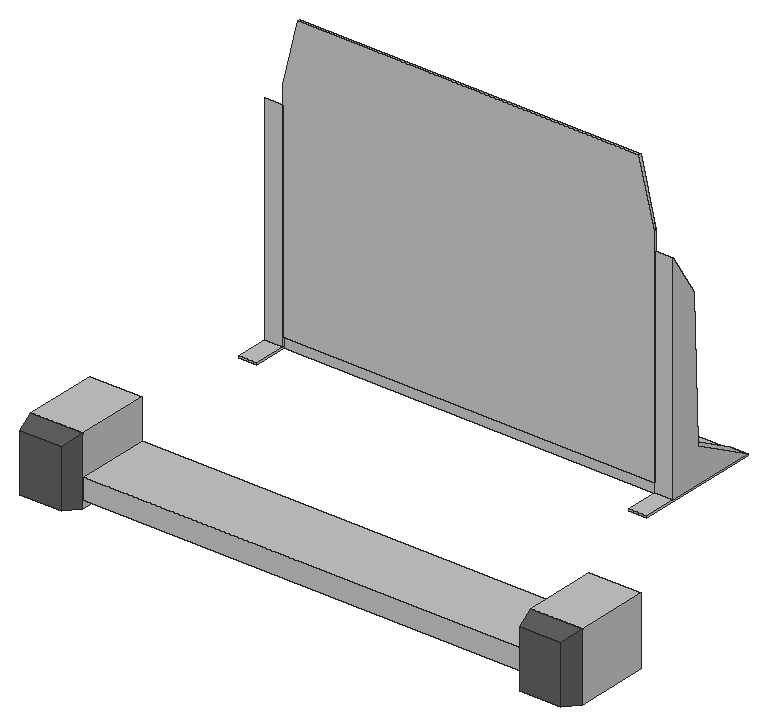
Revit family "LoadHog", category Generic Models, host Floor, Revit 2015
Parameters (values of type "6'")
  Width = 5' - 11 1/2"
  URL = "www.theloadhog.com"
  Model = "LoadHog"
  Manufacturer = "Entrematic"
  Description = "Vertical Stored Dock Board"
Types (4): name | Width
  (no name) | 5' - 11 1/2"
  6' | 5' - 11 1/2"
  6.5' | 6' - 5 1/2"
  7' | 6' - 11 1/4"
Reference planes (in)
  plane 1 "Center (Front/Back)": y = 0
  plane 2: z = 0
  plane 3 "Center (Left/Right)": x = 0
  plane 4 "Edge Of Dock": y = -60
  plane 5: y = -41.4375
  plane 6: x = -43
  plane 7: x = -53
  plane 8: x = 43
  plane 9: x = 53
  plane 10: z = -13
  plane 11: y = -74
  plane 12: z = -7.5
  plane 13: z = -11.5
  plane 14: x = -44
  plane 15: z = -1
  plane 16: z = -12
  plane 17: x = -52
  plane 18: y = -78
  plane 19: x = 44
  plane 20: z = -1
  plane 21: z = -12
  plane 22: x = 52
  plane 23: x = -39.25
  plane 24: x = -35.75
  plane 25: x = 39.25
  plane 26: x = 35.75
  plane 27: y = -17.1875
  plane 28: y = -35.1875
  plane 29: y = -34.8125
  plane 30: z = 2
  plane 31: z = 41.5
  plane 32: z = 45.5
  plane 33: z = 57.5
  plane 34: x = -32.75
  plane 35: x = 32.75
  plane 36: z = 0.375
  plane 37: z = 42
  plane 38: z = 34
  plane 39: y = -30.1875
  plane 40: y = -29.1875
  plane 41: z = 7
  plane 42: through (180, -17.1875, 0.375) normal (0, -0.4833, -0.8754)
  plane 43: through (180, -29.1875, 7) normal (0, -0.9993, -0.037)
  plane 44: through (180, -35.1875, 42) normal (0, 0.848, 0.53)
Forms (in)
  Extrusion 1, solid, material "Serco Gray"
    sketch origin (0, 0, 0) x (1, 0, 0) y (0, 0, 1)
      loop
        line (-53, 0) -> (-53, -13) -> (-43, -13) -> (-43, 0) -> (-53, 0)
      loop
        line (43, 0) -> (43, -13) -> (53, -13) -> (53, 0) -> (43, 0)
    from 60 to 74
  Extrusion 2, solid, material "Serco Diamond"
    sketch origin (0, 0, 0) x (1, 0, 0) y (0, 0, 1)
      loop
        line (-43, -7.5) -> (-43, -11.5) -> (43, -11.5) -> (43, -7.5) -> (-43, -7.5)
    from 60 to 74
  Blend 3, solid, material "Bumper"
    base sketch origin (0, 0, 0) x (1, 0, 0) y (0, 0, 1)
      loop
        line (-53, 0) -> (-53, -13) -> (-43, -13) -> (-43, 0) -> (-53, 0)
    top sketch origin (0, 0, 0) x (1, 0, 0) y (0, 0, 1)
      loop
        line (-52, -1) -> (-52, -12) -> (-44, -12) -> (-44, -1) -> (-52, -1)
    from 74 to 78
  Blend 4, solid, material "Bumper"
    base sketch origin (0, 0, 0) x (-1, 0, 0) y (0, 0, -1)
      loop
        line (-53, 0) -> (-43, 0) -> (-43, 13) -> (-53, 13) -> (-53, 0)
    top sketch origin (0, 0, 0) x (-1, 0, 0) y (0, 0, -1)
      loop
        line (-52, 1) -> (-44, 1) -> (-44, 12) -> (-52, 12) -> (-52, 1)
    from 74 to 78
  Extrusion 5, solid, material "Serco Gray"
    sketch origin (0, 0, 0) x (1, 0, 0) y (0, 1, 0)
      loop
        line (-39.25, -17.1875) -> (-39.25, -41.4375) -> (-35.75, -41.4375) -> (-35.75, -17.1875) -> (-39.25, -17.1875)
      loop
        line (35.75, -17.1875) -> (35.75, -41.4375) -> (39.25, -41.4375) -> (39.25, -17.1875) -> (35.75, -17.1875)
    from 0 to 0.375
  Extrusion 6, solid, material "Serco Diamond"
    sketch origin (0, 0, 0) x (0, 1, 0) y (0, 0, 1)
      loop
        line (-34.8125, 2) -> (-34.8125, 0) -> (-17.1875, 0) -> (-34.8125, 2)
    from -35.75 to 35.75
  Extrusion 7, solid, material "Serco Diamond"
    sketch origin (0, 0, 0) x (1, 0, 0) y (0, 0, 1)
      loop
        line (-35.75, 2) -> (35.75, 2) -> (35.75, 45.5) -> (32.75, 57.5) -> (-32.75, 57.5) -> (-35.75, 45.5) -> (-35.75, 2)
    from 34.8125 to 35.1875
  Extrusion 8, solid, material "Serco Gray"
    sketch origin (0, 0, 0) x (0, 1, 0) y (0, 0, 1)
      loop
        line (-17.1875, 0.375) -> (-29.1875, 7) -> (-30.1875, 34) -> (-35.1875, 42) -> (-35.1875, 0.375) -> (-17.1875, 0.375)
    from 35.75 to 39.25
  Extrusion 9, solid, material "Serco Gray"
    sketch origin (0, 0, 0) x (0, 1, 0) y (0, 0, -1)
      loop
        line (-17.1875, -0.375) -> (-35.1875, -0.375) -> (-35.1875, -42) -> (-30.1875, -34) -> (-29.1875, -7) -> (-17.1875, -0.375)
    from 35.75 to 39.25
Lines and regions (in)
  model lines
    curve 1: line (35.75, -34.8125, 41.5) -> (-35.75, -34.8125, 41.5)
    curve 2: line (-35.75, -34.8125, 41.5) -> (35.75, -34.8125, 41.5)
    curve 3: line (-35.75, -35.1875, 41.5) -> (35.75, -35.1875, 41.5)
Dimensions and locks (in)
  equal spacing: host sketch curve, plane 1 "Center (Front/Back)", host sketch curve
  equal spacing: host sketch curve, plane 3 "Center (Left/Right)", host sketch curve
  host sketch curve to host sketch curve = 10' - 0"  (x2)
  locked: plane 5 to plane 4 "Edge Of Dock" at 18.5625
  equal spacing: plane 8, plane 3 "Center (Left/Right)", plane 6, locked at 43 each
  locked: plane 8 to plane 6 at 86
  locked: plane 10 to plane 2 at 13
  locked: plane 9 to plane 8 at 10
  locked: plane 7 to plane 6 at 10
  Extrusion 1 sketch curve to Extrusion 1 sketch curve = 0' - 10"
  plane 11 to plane 4 "Edge Of Dock" = 1' - 2"
  locked: level to plane 12 at 7.5
  locked: plane 12 to plane 13 at 4
  plane 17 to Extrusion 1 = 0' - 1"
  Extrusion 1 to plane 14 = 0' - 1"
  plane 16 to Extrusion 1 = 0' - 1"
  Extrusion 1 to plane 15 = 0' - 1"
  locked: plane 11 to plane 18 at 4
  equal spacing: plane 24, plane 3 "Center (Left/Right)", plane 26
  "Width": plane 24 to plane 26
  locked: plane 26 to plane 25 at 3.5
  locked: plane 23 to plane 24 at 3.5
  locked: plane 27 to plane 5 at 24.25
  locked: plane 5 to plane 28 at 6.25
  locked: plane 28 to plane 29 at 0.375
  locked: plane 30 to plane 2 at 2
  plane 30 to plane 31 to plane 32 = 3' - 3 1/2" locked, 0' - 4" locked
  locked: plane 32 to plane 33 at 12
  locked: plane 24 to plane 34 at 3
  locked: plane 35 to plane 26 at 3
  locked: plane 36 to Extrusion 5 at 0.375
  locked: plane 37 to plane 38 at 8
  locked: plane 38 to level at 34
  plane 39 to plane 40 to plane 27 = 0' - 1" locked, 1' - 0" locked
  locked: plane 41 to level at 7
  locked: plane 42 to plane 30 (angle 28.9024°)
  locked: plane 40 to plane 43 (angle 2.1211°)
  locked: plane 44 to plane 37 (angle 57.9946°)
  aligned and locked: level to plane 2
  aligned and locked: plane 4 "Edge Of Dock" to host floor
  aligned and locked: Extrusion 1 sketch curve to level  (x2)
  aligned and locked: plane 7 to Extrusion 1 sketch curve
  aligned and locked: plane 10 to Extrusion 1 sketch curve  (x2)
  aligned and locked: Extrusion 1 sketch curve to plane 6
  aligned and locked: plane 8 to Extrusion 1 sketch curve
  aligned and locked: plane 4 "Edge Of Dock" to Extrusion 1
  aligned and locked: Extrusion 1 to plane 11
  aligned and locked: Extrusion 2 sketch curve to plane 12
  aligned and locked: plane 6 to Extrusion 2 sketch curve
  aligned and locked: plane 13 to Extrusion 2 sketch curve
  aligned and locked: Extrusion 2 sketch curve to plane 8
  aligned and locked: Extrusion 2 to plane 11
  aligned and locked: plane 4 "Edge Of Dock" to Extrusion 2
  aligned and locked: plane 7 to Blend 3 sketch curve
  aligned and locked: Blend 3 sketch curve to plane 15
  aligned and locked: Blend 3 sketch curve to plane 14
  aligned and locked: plane 16 to Blend 3 sketch curve
  aligned and locked: plane 17 to Blend 3 sketch curve
  aligned and locked: plane 11 to Blend 3
  aligned and locked: Blend 3 to plane 18
  aligned and locked: plane 20 to Blend 4 sketch curve
  aligned and locked: plane 19 to Blend 4 sketch curve
  aligned and locked: Blend 4 sketch curve to plane 21
  aligned and locked: Blend 4 sketch curve to plane 22
  aligned and locked: plane 11 to Blend 4
  aligned and locked: Blend 4 to plane 18
  aligned and locked: plane 8 to Blend 4
  aligned and locked: Extrusion 5 sketch curve to plane 27  (x2)
  aligned and locked: Extrusion 5 sketch curve to plane 23
  aligned and locked: plane 5 to Extrusion 5 sketch curve  (x2)
  aligned and locked: Extrusion 5 sketch curve to plane 24
  aligned and locked: Extrusion 5 sketch curve to plane 26
  aligned and locked: plane 25 to Extrusion 5 sketch curve
  aligned and locked: plane 29 to Extrusion 6 sketch curve
  aligned and locked: Extrusion 6 to plane 24
  aligned and locked: Extrusion 6 to plane 26
  aligned and locked: Extrusion 6 to plane 27
  aligned and locked: Extrusion 7 sketch curve to plane 30
  aligned and locked: Extrusion 7 sketch curve to plane 24
  aligned and locked: plane 26 to Extrusion 7 sketch curve
  aligned and locked: Extrusion 7 sketch curve to plane 33
  aligned and locked: Extrusion 7 sketch curve to plane 34
  aligned and locked: plane 35 to Extrusion 7 sketch curve
  aligned and locked: Extrusion 7 to plane 29
  aligned and locked: curve 1 to plane 31
  aligned and locked: curve 3 to plane 31
  aligned and locked: Extrusion 6 sketch curve to level
  aligned and locked: Extrusion 5 to level
  aligned and locked: Extrusion 5 to plane 36
  aligned and locked: Extrusion 7 to plane 28
  aligned and locked: Extrusion 8 to plane 25
  aligned and locked: plane 26 to Extrusion 8
  aligned and locked: plane 24 to Extrusion 9
  aligned and locked: Extrusion 9 to plane 23
  aligned and locked: plane 44 to Extrusion 9
  aligned and locked: Extrusion 9 to plane 28
  aligned and locked: Extrusion 9 to plane 43
  aligned and locked: Extrusion 9 to plane 42
  aligned and locked: Extrusion 9 to plane 36
  aligned and locked: Extrusion 8 to plane 36  (x2)
  aligned and locked: Extrusion 8 to plane 28
  aligned and locked: Extrusion 8 to plane 44
  aligned and locked: Extrusion 8 to plane 43
  aligned and locked: Extrusion 8 to plane 42
  aligned and locked: Blend 3 to Blend 4
Automatic sketch dimensions
  Blend 4 sketch curve to plane 9 = 0' - 0"
  Blend 4 sketch curve to plane 8 = 0' - 0"
  Blend 4 sketch curve to plane 10 = 0' - 0"
  Blend 4 sketch curve to level = 0' - 0"
  Extrusion 6 sketch curve to plane 27 = 0' - 0"
  Extrusion 6 sketch curve to plane 30 = 0' - 0"
  Extrusion 7 sketch curve to plane 32 = 0' - 0"  (x2)
  curve 1 to plane 24 = 0' - 0"
  plane 26 to curve 2 = 0' - 0"
  curve 3 to plane 24 = 0' - 0"
  plane 26 to curve 3 = 0' - 0"
  Extrusion 9 sketch curve to plane 28 = 0' - 0"
  Extrusion 9 sketch curve to plane 38 = 0' - 0"
  Extrusion 9 sketch curve to plane 39 = 0' - 0"
  Extrusion 9 sketch curve to plane 40 = 0' - 0"
  Extrusion 9 sketch curve to plane 27 = 0' - 0"
  Extrusion 9 sketch curve to plane 37 = 0' - 0"
  Extrusion 9 sketch curve to plane 41 = 0' - 0"
  Extrusion 9 sketch curve to plane 36 = 0' - 0"
  Extrusion 8 sketch curve to plane 38 = 0' - 0"
  Extrusion 8 sketch curve to plane 37 = 0' - 0"
  Extrusion 8 sketch curve to plane 28 = 0' - 0"
  Extrusion 8 sketch curve to plane 27 = 0' - 0"
  Extrusion 8 sketch curve to plane 40 = 0' - 0"
  Extrusion 8 sketch curve to plane 36 = 0' - 0"
  Extrusion 8 sketch curve to plane 39 = 0' - 0"
  Extrusion 8 sketch curve to plane 41 = 0' - 0"
  Blend 3 sketch curve to plane 6 = 0' - 0"
  Blend 3 sketch curve to plane 10 = 0' - 0"
  Blend 3 sketch curve to level = 0' - 0"
